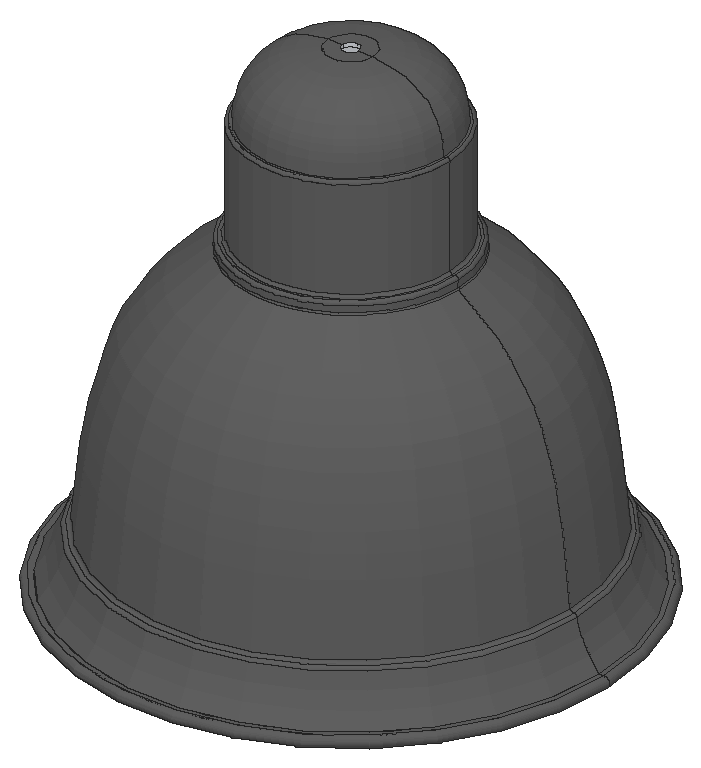
Revit family "RE16 SHADE", category Lighting Fixtures, Revit 2024
Family settings
  Round Connector Dimension = Use Diameter
  Part Type = Normal
  OmniClass Number = 23.80.70.00
  OmniClass Title = Lighting
  Work Plane-Based = No
  Always vertical = Yes
  Cut with Voids When Loaded = No
  Light Source = Yes
  Maintain Annotation Orientation = No
  Shared = No
  Room Calculation Point = No
Parameters
  Wattage = 12.1178 W
  built-in parameter 1150110 = 1 (stored number, unit not read)
  built-in parameter 1114217 = 1 (stored number, unit not read)
  built-in parameter 1150109 = 1 (stored number, unit not read)
  built-in parameter 1150134 = (empty or 0)
  built-in parameter 1150113 = 1 (stored number, unit not read)
  Lumens = 1800 lm
  built-in parameter 1150115 = 1 (stored number, unit not read)
  built-in parameter 1150105 = 572.96 (stored number, unit not read)
  Light Source Symbol Size = 2' - 0"
  built-in parameter 1150137 = (empty or 0)
  built-in parameter 1150139 = (empty or 0)
  built-in parameter 1150112 = 1 (stored number, unit not read)
  built-in parameter 1150114 = 1 (stored number, unit not read)
  built-in parameter 1150132 = 2
  built-in parameter 1150102 = (empty or 0)
  built-in parameter 1150138 = (empty or 0)
  built-in parameter 1150107 = 3000 (stored number, unit not read)
  built-in parameter 1150106 = 5.7296 (stored number, unit not read)
  built-in parameter 1150104 = 13.8 (stored number, unit not read)
  Dimming Lamp Color Temperature Shift = (empty or 0)
  Default Elevation = 0' - 0"
  Color Filter = 16777215
  built-in parameter 1114218 = 1 (stored number, unit not read)
  built-in parameter 1150133 = 10 (stored number, unit not read)
Reference planes (in)
  plane 1 "Light Source Axis (F/B)": y = 0
  plane 2: z = 0
  plane 3 "Light Source Axis (L/R)": x = 0
  plane 4 "Light Source Elevation": z = 84
Forms (in)
  Revolve 1, solid
    sketch origin (0, 0, 0) x (1, 0, 0) y (0, 0, 1)
      loop
        arc (-7.66393, 84.21011) -> (-7.20158, 84.88312) -> (-6.91194, 85.64654) r 3.42001
        arc (-6.91194, 85.64654) -> (-6.75707, 85.68391) -> (-6.68271, 85.8248) r 0.19353
        spline (-6.68271, 85.8248) -> (-6.52194, 87.4089) -> (-6.42088, 88.1226) -> (-6.33631, 88.62752) -> (-6.23168, 89.1322) -> (-6.08856, 89.67049) -> (-5.89564, 90.2759) -> (-5.68507, 90.80928) -> (-5.45364, 91.23461) -> (-5.13446, 91.68858) -> (-4.77051, 92.13891) -> (-4.3463, 92.56375) -> (-3.3076, 93.38987)
        arc (-3.3076, 93.38987) -> (-3.25478, 93.44902) -> (-3.23205, 93.52498) r 0.18243
        line (-3.23205, 93.52498) -> (-3.23205, 93.71862) -> (-3.14149, 93.71862)
        arc (-3.14149, 93.71862) -> (-3.01727, 93.77007) -> (-2.96555, 93.89429) r 0.17568
        line (-2.96555, 93.89429) -> (-2.96555, 96.91105) -> (-2.79299, 96.91105) -> (-2.78833, 96.9999)
        spline (-2.78833, 96.9999) -> (-2.73401, 97.47475) -> (-2.66266, 97.7249) -> (-2.57618, 97.91023) -> (-2.45698, 98.09916) -> (-2.32485, 98.26206) -> (-2.17254, 98.40135) -> (-1.9869, 98.53763) -> (-1.82337, 98.64148) -> (-1.66055, 98.7153) -> (-1.42584, 98.7872) -> (-1.12551, 98.8571) -> (-0.69174, 98.90613)
        line (-0.69174, 98.90613) -> (-0.25, 98.90613) -> (-0.25, 98.99988) -> (-0.6942, 98.99988)
        spline (-0.6942, 98.99988) -> (-1.14127, 98.94953) -> (-1.449, 98.87805) -> (-1.69201, 98.80361) -> (-1.86871, 98.72354) -> (-2.03926, 98.6154) -> (-2.23082, 98.47478) -> (-2.3928, 98.32666) -> (-2.53324, 98.15369) -> (-2.65796, 97.95607) -> (-2.75048, 97.75772) -> (-2.82574, 97.49409) -> (-2.88195, 97.0048)
        line (-2.88195, 97.0048) -> (-2.97063, 97.0048)
        arc (-2.97063, 97.0048) -> (-3.03333, 96.97883) -> (-3.0593, 96.91613) r 0.08868
        line (-3.0593, 96.91613) -> (-3.05957, 93.89429)
        arc (-3.05957, 93.89429) -> (-3.08356, 93.83636) -> (-3.14149, 93.81237) r 0.08193
        line (-3.14149, 93.81237) -> (-3.23203, 93.81237)
        arc (-3.23203, 93.81237) -> (-3.29833, 93.7849) -> (-3.3258, 93.7186) r 0.09377
        line (-3.3258, 93.7186) -> (-3.3258, 93.52895)
        arc (-3.3258, 93.52895) -> (-3.33364, 93.50057) -> (-3.35033, 93.47633) r 0.08868
        spline (-3.35033, 93.47633) -> (-4.40527, 92.63824) -> (-4.83783, 92.20552) -> (-5.20708, 91.74914) -> (-5.53116, 91.28846) -> (-5.76915, 90.85171) -> (-5.98333, 90.30989) -> (-6.17798, 89.69933) -> (-6.32259, 89.15577) -> (-6.42831, 88.64613) -> (-6.51342, 88.13815) -> (-6.61491, 87.4215) -> (-6.77617, 85.83282)
        arc (-6.77617, 85.83282) -> (-6.81042, 85.76137) -> (-6.88594, 85.73741) r 0.09978
        arc (-6.88594, 85.73741) -> (-6.96227, 85.71751) -> (-7.00707, 85.65259) r 0.11319
        arc (-7.00707, 85.65259) -> (-7.26778, 84.95923) -> (-7.67548, 84.34077) r 3.32626
        line (-7.67548, 84.34077) -> (-7.82962, 84.34077)
        arc (-7.82962, 84.34077) -> (-7.93512, 84.03659) -> (-7.66393, 84.21011) r 0.17038
      axis (0, 98.99988) -> (0, 84.21011)
    angle from 0 to 360
Dimensions and locks (in)
  aligned and locked: plane 3 "Light Source Axis (L/R)" to imposter light
  aligned and locked: plane 1 "Light Source Axis (F/B)" to imposter light
  aligned and locked: plane 4 "Light Source Elevation" to imposter light
  aligned and locked: level to plane 2
